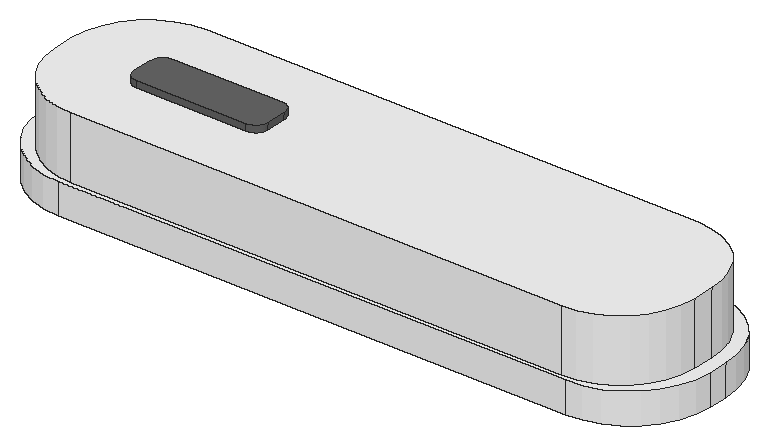
Revit family "BTD-S", category Communication Devices, host Face, Revit 2014
Parameters (values of type "BTD")
  Width = 1.60"
  Type Comments = "Text Buttons"  # constant formula
  Product Page URL = "https://www.hubbell.com/hubbellcontrolsolutions/en/Products/Lighting-Controls/Lighting-Controls-Sensors/Wallbox-Devices/Specialty-Text-Buttons/p/4849062"
  Product Documentation Link = "https://hubbellcdn.com/specsheet/HCS_PAD_PRINTING_SPEC.pdf"
  URL = "https://www.hubbell.com/hubbellcontrolsolutions/en"
  Model = "Specialty Text Buttons"  # constant formula
  Manufacturer = "Hubbell Control Solutions"  # constant formula
  Light = yes
  Features = "Easy to install\r\n1-6 button models with or without light pipe for pilot light functionality\r\nAvailable for all HCS wall station types: NXSW, CXSW and LVS\r\nAvailable in White, Gray, Ivory, Light Almond, Black and Red\r\n5pt Arial Narrow\r\n8-character limit using capital letters\r\nOrder forms are product specific\r\nOrder forms provided to customer service must be in the original editable PDF downloaded from the HCS website (not scanned, handwritten, faxed and not a copy)\r\n5-year warranty"  # constant formula
  Black = Paint - Hubbell - Carbon Black
  White = Paint - Hubbell - Matte White
  Description = "Hubbell Control Solutions' specialty button service provides an easy, customized solution to meet commercial design requirements. The offering includes a list of our most popular text buttons and options to customize the text. Our custom service supports NX, CX and LVS wall stations. The buttons can easily be installed without the need to detach the switch from the wall. Custom text buttons are the ideal solution for any application providing unique control and a personalized experience. All custom specialty button orders require the appropriate product order form to be complted and attached to the order to ensure accuracy."  # constant formula
  Default Elevation = 48.00"
  Copyright = "Copyright © 2021 Hubbell Control Solutions"  # constant formula
  Contact Us = "https://www.hubbell.com/hubbellcontrolsolutions/en/contactUs"
  Assembly Code = "D5090"
Reference planes (in)
  plane 1 "Center (Front/Back)": y = 13.01342
  plane 2: z = 0
  plane 3 "Center (Left/Right)": x = 0
  plane 4: z = 1.3
  plane 5: z = 1.9
  plane 6: y = 12.79342
  plane 7: x = 0.54
  plane 8: x = -0.54
Forms (in)
  Extrusion 1, solid, material "Paint - Hubbell - Matte White" <- "White"
    sketch origin (0, 0, 0) x (1, 0, 0) y (0, 1, 0)
      loop
        line (-0.41, 12.79342) -> (0.41, 12.79342)
        arc (0.41, 12.79342) -> (0.50192, 12.8315) -> (0.54, 12.92342) r 0.13
        line (0.54, 12.92342) -> (0.54, 12.95498)
        arc (0.54, 12.95498) -> (0.50192, 13.04691) -> (0.41, 13.08498) r 0.13
        line (0.41, 13.08498) -> (-0.41, 13.08498)
        arc (-0.41, 13.08498) -> (-0.50192, 13.04691) -> (-0.54, 12.95498) r 0.13
        line (-0.54, 12.95498) -> (-0.54, 12.92342)
        arc (-0.54, 12.92342) -> (-0.50192, 12.8315) -> (-0.41, 12.79342) r 0.13
    from 0.05 to 0
  Extrusion 2, solid, material "Paint - Hubbell - Matte White" <- "White"
    sketch origin (0, 0, 0) x (1, 0, 0) y (0, 1, 0)
      loop
        line (-0.39656, 12.80123) -> (0.39656, 12.80123)
        arc (0.39656, 12.80123) -> (0.48142, 12.83638) -> (0.51656, 12.92123) r 0.12
        line (0.51656, 12.92123) -> (0.51656, 12.95612)
        arc (0.51656, 12.95612) -> (0.48142, 13.04098) -> (0.39656, 13.07612) r 0.12
        line (0.39656, 13.07612) -> (-0.39656, 13.07612)
        arc (-0.39656, 13.07612) -> (-0.48142, 13.04098) -> (-0.51656, 12.95612) r 0.12
        line (-0.51656, 12.95612) -> (-0.51656, 12.92123)
        arc (-0.51656, 12.92123) -> (-0.48142, 12.83638) -> (-0.39656, 12.80123) r 0.12
    from 0.15 to 0
  Extrusion 3, solid, material "Paint - Hubbell - Carbon Black" <- "Black", visible <- "Light"
    sketch origin (0, -0.07031, 0) x (1, 0, 0) y (0, 1, 0)
      loop
        arc (-0.3709, 13.04709) -> (-0.38563, 13.04099) -> (-0.39174, 13.02626) r 0.02083
        line (-0.39174, 13.02626) -> (-0.39174, 12.99448)
        arc (-0.39174, 12.99448) -> (-0.38586, 12.9803) -> (-0.37168, 12.97443) r 0.02005
        line (-0.37168, 12.97443) -> (-0.19571, 12.97443)
        arc (-0.19571, 12.97443) -> (-0.18153, 12.9803) -> (-0.17566, 12.99448) r 0.02005
        line (-0.17566, 12.99448) -> (-0.17566, 13.02626)
        arc (-0.17566, 13.02626) -> (-0.18176, 13.04099) -> (-0.19649, 13.04709) r 0.02083
        line (-0.19649, 13.04709) -> (-0.3709, 13.04709)
    from 0.16 to 0.15
Dimensions and locks (in)
  plane 5 to plane 4 to plane 2 = 0.60", 1.30"
  plane 5 to plane 4 = 0.60"
  aligned and locked: plane 2 to host face
  aligned and locked: level to host face
Connectors (in)
  electrical at (0, 12.79105, 0)
    settings: on host face, index 1, voltage 0 V, apparent load 0 VA, apparent load phase1 0 VA, apparent load phase2 0 VA, apparent load phase3 0 VA, power factor 1, load classification "Other", number of poles 1, system type 13, power factor state 1, is connector primary yes, connector utility no, sub classification motor no, connector description ""
